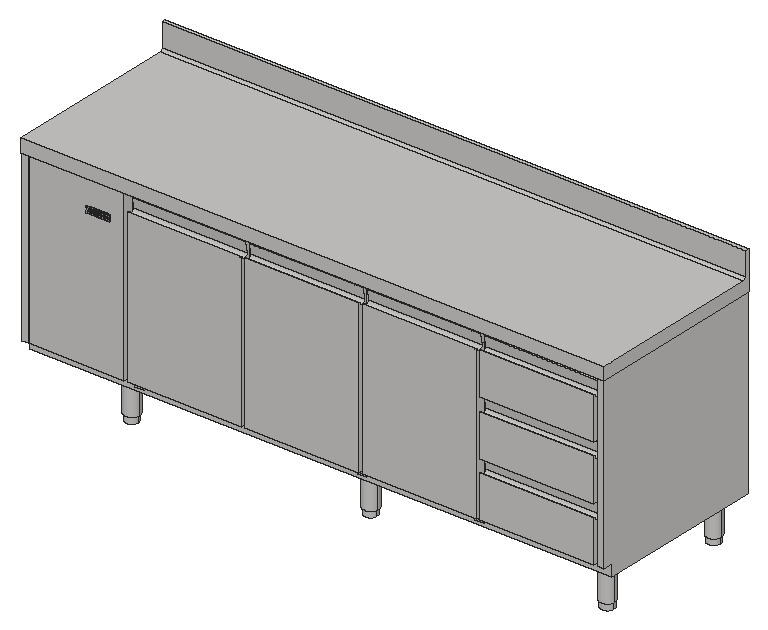
Revit family "QF_ZANUSSI_111060_ZH4H3AAAC", category Specialty Equipment, Revit 2018
Family settings
  Round Connector Dimension = Use Diameter
  Part Type = Normal
  Work Plane-Based = No
  Always vertical = Yes
  Cut with Voids When Loaded = No
  Shared = No
  Room Calculation Point = No
Parameters
  Weight = 0.00 kg
  Watts = 0.0232258 W
  Volts = 220 V
  URL Manufacturer = "http://www.zanussiprofessional.com/"
  URL = "http://www.zanussiprofessional.com/"
  Steam Supply Size = 0 mm
  Steam Supply Minimum Pressure = 0.0 Pa
  Steam Supply Maximum Pressure = 0.0 Pa
  Steam Pounds per Hour = 0
  Show Logo [instance] = yes
  Show Clearance [instance] = yes
  Refrigeration Suction Line Size = 0 mm
  Refrigeration Liquid Line Size = 0 mm
  Refrigerant Compressor Remote = yes
  Manufacturer = "Zanussi"
  Phase = 1
  Model = "ZH4H3AAAC"
  Length Actual = 2253 mm  # constant formula
  Item Number = "111060"
  Hot Water Size = 0 mm
  Height Actual = 1000 mm  # constant formula
  HP = "0.3 HP"
  Gas Size = 0 mm
  Gas KW = 0
  Gas Input Pressure = 0 W
  Description = "3DOOR+3x1/3DRAWERS REF.TABLE 590L-SPLB"
  Depth Actual = 700 mm  # constant formula
  Cycle = 50 Hz
  Condensate Return Size = 0 mm
  Compressed Air Volume = 0.0 L/s
  Compressed Air Size = 0 mm
  Compressed Air Pressure = 0.0 Pa
  Cold Water Size = 0 mm
  Accessory = yes
Reference planes
  plane 1 "Center X": y = 182.5
  plane 2: z = 0
  plane 3 "Center Y": x = -580.5
  plane 4: y = -62.5
  plane 5: y = 451.5
  plane 6 "BACK": y = 532.5
  plane 7 "FRONT": y = -167.5
  plane 8: x = -1360
  plane 9: x = 478
  plane 10: z = 150
  plane 11 "TOP": z = 900
  plane 12: z = 850
  plane 13 "LEFT": x = -1705
  plane 14 "RIGHT": x = 544
  plane 15: x = -437
  plane 16: x = -1707
  plane 17: x = 546
Forms (mm)
  Extrusion 1, solid, material "QF_Finishes_Stainless Steel"
    sketch origin (-580.5, 2, 0) x (0, 1, 0) y (0, 0, 1)
      loop
        line (530.5, 150) -> (530.5, 850) -> (-124.5, 850) -> (-124.5, 150) -> (530.5, 150)
    from -1124.5 to 1124.5
  Extrusion 2, solid, material "QF_Finishes_Stainless Steel"
    sketch origin (-1022.223, -1524, 150) x (-1, 0, 0) y (0, -1, 0)
      loop
        line (682.777, -1361.5) -> (657.777, -1361.5) -> (657.777, -1401.5) -> (682.777, -1401.5) -> (682.777, -1361.5)
      loop
        line (-1566.223, -1401.5) -> (-1541.223, -1401.5) -> (-1541.223, -1361.5) -> (-1566.223, -1361.5) -> (-1566.223, -1401.5)
    from 47 to 700
  Extrusion 3, solid, material "QF_Finishes_Stainless Steel"
    sketch origin (0, 0, 900) x (-1, 0, 0) y (0, -1, 0)
      loop
        circle (-57, -94.5) r 8.45
      loop
        circle (851, -94.5) r 8.45
    from -790.577 to -750
  Extrusion 4, solid, material "QF_Finishes_Stainless Steel"
    sketch origin (0, 0, 0) x (1, 0, 0) y (0, 1, 0)
      loop
        circle (-1621, 451.5) r 4
    from 109.423 to 150
  Extrusion 5, solid, material "QF_Finishes_Stainless Steel"
    sketch origin (-126.5, 0, 0) x (0, 1, 0) y (0, 0, 1)
      loop
        line (-167.5, 900) -> (-167.5, 850) -> (532.5, 850) -> (532.5, 1000) -> (519.5, 1000) -> (519.5, 910)
        arc (519.5, 910) -> (516.571, 902.929) -> (509.5, 900) r 10
        line (509.5, 900) -> (-167.5, 900)
    from 672.5 to -1580.5
Cuts and joins
  joined: Extrusion 1, Extrusion 2
Lines and regions (mm)
  symbolic lines, style "SpecialityEquipmentHiddenLines"
    curve 1: line (-1707, -122.5, 900) -> (546, -122.5, 900)
    curve 2: line (-1304, -167.5, 900) -> (-1304, -122.5, 900)
  symbolic lines, style "SpecialityEquipment"
    curve 3: line (-1707, 532.5, 900) -> (546, 532.5, 900)
    curve 4: line (-1707, 532.5, 900) -> (-1707, -167.5, 900)
    curve 5: line (-1707, -167.5, 900) -> (546, -167.5, 900)
    curve 6: line (546, -167.5, 900) -> (546, 532.5, 900)
    curve 7: line (-1707, 519.5, 900) -> (546, 519.5, 900)
Dimensions and locks
  locked: plane 6 "BACK" to plane 7 "FRONT" at 700
  equal spacing: plane 6 "BACK", plane 1 "Center X", plane 7 "FRONT"
  locked: plane 6 "BACK" to plane 5 at 81
  plane 10 to level = 150 mm
  plane 11 "TOP" to plane 12 to plane 10 = 50 mm locked, 700 mm locked
  locked: Extrusion 2 sketch curve to Extrusion 2 sketch curve at 25  (x2)
  locked: plane 4 to plane 7 "FRONT" at 105
  locked: plane 6 "BACK" to Extrusion 3 sketch curve at 438  (x2)
  equal spacing: plane 13 "LEFT", plane 3 "Center Y", plane 14 "RIGHT"
  plane 16 to plane 17 = 2253 mm
  locked: plane 13 "LEFT" to plane 8 at 345
  plane 15 to plane 9 to plane 14 "RIGHT" = 915 mm locked, 66 mm locked
  Extrusion 3 sketch curve to Extrusion 3 sketch curve to plane 14 "RIGHT" = 908 mm locked, 487 mm locked
  plane 13 "LEFT" to Extrusion 4 sketch curve = 84 mm
  locked: plane 6 "BACK" to Extrusion 4 sketch curve at 81
  locked: plane 10 to Extrusion 4 at 40.577
  aligned and locked: level to plane 2
  aligned and locked: plane 10 to Extrusion 3
  aligned and locked: nested 4 to plane 4
  aligned and locked: nested 1 to plane 4
  aligned and locked: nested 3 to plane 5
  aligned and locked: nested 2 to plane 5
  aligned and locked: plane 8 to nested 1
  aligned and locked: plane 8 to nested 2
  aligned and locked: plane 9 to nested 4
  aligned and locked: plane 9 to nested 3
  aligned and locked: Extrusion 1 to Extrusion 2
  aligned and locked: Extrusion 2 to Extrusion 1
  aligned and locked: Extrusion 2 sketch curve to plane 14 "RIGHT"
  aligned and locked: plane 13 "LEFT" to Extrusion 2 sketch curve
  aligned and locked: cut or joined group of Extrusion 1, Extrusion 2 to plane 10
  aligned and locked: plane 12 to cut or joined group of Extrusion 1, Extrusion 2
  aligned and locked: plane 10 to Extrusion 4
  aligned and locked: plane 15 to nested 11
  aligned and locked: plane 15 to nested 12
Automatic sketch dimensions
  plane 7 "FRONT" to Extrusion 2 sketch curve = 45 mm  (x2)
  plane 7 "FRONT" to Extrusion 2 sketch curve = 5 mm  (x2)
  Extrusion 1 sketch curve to plane 10 = 0 mm
  Extrusion 1 sketch curve to plane 12 = 0 mm
  Extrusion 1 sketch curve to plane 6 "BACK" = 0 mm
  plane 7 "FRONT" to Extrusion 1 sketch curve = 45 mm
  Extrusion 5 sketch curve to plane 7 "FRONT" = 0 mm
  Extrusion 5 sketch curve to plane 11 "TOP" = 0 mm
  Extrusion 5 sketch curve to plane 6 "BACK" = 0 mm
  Extrusion 5 sketch curve to plane 12 = 0 mm
  plane 11 "TOP" to Extrusion 5 sketch curve = 10 mm
  Extrusion 5 sketch curve to plane 6 "BACK" = 23 mm
  Extrusion 5 sketch curve to Extrusion 5 sketch curve = 90 mm
  curve 7 to plane 17 = 0 mm
  curve 2 to plane 7 "FRONT" = 0 mm
  curve 5 to plane 16 = 0 mm
  curve 3 to plane 6 "BACK" = 0 mm
  plane 8 to curve 2 = 56 mm
  curve 3 to curve 7 = 13 mm
  plane 7 "FRONT" to curve 1 = 45 mm
  radius of Extrusion 3 sketch curve = 8.45 mm  (x2)
  radius of Extrusion 4 sketch curve = 4 mm
Nested families
  nested 1: "Foot_Ø50_H150" at (-1360, -62.5, 0), type "Foot_Ø50_H150"
  nested 2: "Foot_Ø50_H150" at (-1360, 451.5, 0), type "Foot_Ø50_H150"
  nested 3: "Foot_Ø50_H150" at (478, 451.5, 0), type "Foot_Ø50_H150"
  nested 4: "Foot_Ø50_H150" at (478, -62.5, 0), type "Foot_Ø50_H150"
  nested 5: "3x1-3 Drawers" at (285, -164.5, 0), Show Clearance <- "Show Clearance", type "3x1-3 Drawers"
  nested 6: "Door" at (-169, -164.5, 0), Show Clearance <- "Show Clearance", type "Door"
  nested 7: "Refrigerator" at (544, -167.5, 900), type "Refrigerator"
  nested 8: "ZAN_Cooling Unit" at (-1495.5, -164.5, 0), Show Logo <- "Show Logo", type "ZAN_Cooling Unit"
  nested 9: "Door" at (-623, -164.5, 0), Show Clearance <- "Show Clearance", type "Door"
  nested 10: "Door" at (-1077, -164.5, 0) x (-1, 0, 0) z (0, 0, 1), Show Clearance <- "Show Clearance", type "Door"
  nested 11: "Foot_Ø50_H150" at (-437, -62.5, 0), type "Foot_Ø50_H150"
  nested 12: "Foot_Ø50_H150" at (-437, 451.5, 0), type "Foot_Ø50_H150"
Connectors
  electrical at (-1621, 451.5, 109.423), driven by "Volts"
    settings: on Extrusion 4, index 4, voltage 220 V, apparent load 0 VA, apparent load phase1 0 VA, apparent load phase2 0 VA, apparent load phase3 0 VA, power factor 1, load classification "Altro", number of poles 1, system type 30, power factor state 1, is connector primary yes, connector utility no, sub classification motor no, connector description "Electrical Connection"
  piping at (57, 94.5, 109.423), diameter 17
    settings: on Extrusion 3, index 5, connector inside diameter 609.6 mm, connector length 0 mm, flow factor 0, pipe flow 0.0 L/s, pressure drop 0.0 Pa, fitting loss kfactor 0, connector angle 0.00°, fixture units 0, engagement length 0 mm, angle of deflection 0.00°, flow configuration 1, flow direction 2, fitting loss method 0, system type 16, joint type 0, gender type 0, connector reference index -1, connector utility 0, adjustable connector no, is connector primary yes, connector description "Drain"
  piping at (-851, 94.5, 109.423), diameter 17
    settings: on Extrusion 3, index 6, connector inside diameter 609.6 mm, connector length 0 mm, flow factor 0, pipe flow 0.0 L/s, pressure drop 0.0 Pa, fitting loss kfactor 0, connector angle 0.00°, fixture units 0, engagement length 0 mm, angle of deflection 0.00°, flow configuration 1, flow direction 2, fitting loss method 0, system type 16, joint type 0, gender type 0, connector reference index -1, connector utility 0, adjustable connector no, is connector primary no, connector description "Drain"
Definition of nested family "Foot_Ø50_H150"
  Reference planes
    plane 1 "Centro (Fronte/Retro)": y = 0
    plane 2: z = 0
    plane 3 "Centro (Sinistra/Destra)": x = 0
    plane 4: z = 150
  Forms (mm)
    Revolve 1, solid
      sketch origin (255.05, 0, 608.09) x (0, 0, 1) y (-1, 0, 0)
        loop
          line (-608.09, 255.05) -> (-608.09, 230.05) -> (-583.09, 230.05) -> (-583.09, 226.05) -> (-458.09, 226.05) -> (-458.09, 255.05) -> (-608.09, 255.05)
        axis (-608.09, 255.05) -> (-458.09, 255.05)
      angle from 0 to 360
  Dimensions and locks
    locked: Revolve 1 sketch curve to Revolve 1 sketch curve at 125
    aligned and locked: level to plane 2
    aligned and locked: plane 4 to Revolve 1 sketch curve
    aligned and locked: Revolve 1 sketch curve to level
    aligned and locked: plane 3 "Centro (Sinistra/Destra)" to Revolve 1 sketch curve
Definition of nested family "3x1-3 Drawers"
  Parameters
    Show Clearance [instance] = yes
  Reference planes
    plane 1 "FRONT": y = -3
    plane 2: z = 0
    plane 3 "Centro (Sinistra/Destra)": x = 0
    plane 4: z = 150
    plane 5: z = 850
    plane 6: x = -234
    plane 7: x = 234
    plane 8: x = -220
    plane 9: x = 220
  Forms (mm)
    Extrusion 1, solid
      sketch origin (0, 55, 511) x (0, 0, 1) y (0, -1, 0)
        loop
          line (314, 18) -> (314, 29) -> (274.395, 22.5)
          arc (274.395, 22.5) -> (260.395, 36.5) -> (274.395, 50.5) r 14
          line (274.395, 50.5) -> (274.395, 53) -> (111.333, 53) -> (111.333, 18) -> (314, 18)
        loop
          line (101.333, 29) -> (61.728, 22.5)
          arc (61.728, 22.5) -> (47.728, 36.5) -> (61.728, 50.5) r 14
          line (61.728, 50.5) -> (61.728, 53) -> (-101.333, 53) -> (-101.333, 18) -> (101.333, 18) -> (101.333, 29)
        loop
          line (-314, 18) -> (-111.333, 18) -> (-111.333, 29) -> (-150.939, 22.5)
          arc (-150.939, 22.5) -> (-164.939, 36.5) -> (-150.939, 50.5) r 14
          line (-150.939, 50.5) -> (-150.939, 53) -> (-314, 53) -> (-314, 18)
      from -220 to 220
    Extrusion 2, solid, visible <- "Show Clearance", detail levels coarse
      sketch origin (0, -462, 511) x (0, 0, 1) y (0, -1, 0)
        loop
          line (-314, 109) -> (-314, -464) -> (-111.333, -464) -> (-111.333, 109) -> (-314, 109)
        loop
          line (314, -464) -> (314, 109) -> (111.333, 109) -> (111.333, -464) -> (314, -464)
        loop
          line (101.333, 109) -> (-101.333, 109) -> (-101.333, -464) -> (101.333, -464) -> (101.333, 109)
      from -220 to 220
  Lines and regions (mm)
    symbolic lines
      curve 1: line (-190, -3, 0) -> (-190, -48, 0)
      curve 2: line (220, -48, 0) -> (-220, -48, 0)
      curve 3: line (-220, -48, 0) -> (-220, -83, 0)
      curve 4: line (-220, -83, 0) -> (220, -83, 0)
      curve 5: line (220, -83, 0) -> (220, -48, 0)
      curve 6: line (190, -48, 0) -> (190, -3, 0)
      curve 7: line (-190, -83, 0) -> (-190, -128, 0)
      curve 8: line (220, -128, 0) -> (-220, -128, 0)
      curve 9: line (-220, -128, 0) -> (-220, -163, 0)
      curve 10: line (-220, -163, 0) -> (220, -163, 0)
      curve 11: line (220, -163, 0) -> (220, -128, 0)
      curve 12: line (190, -128, 0) -> (190, -83, 0)
      curve 13: line (-190, -163, 0) -> (-190, -208, 0)
      curve 14: line (220, -208, 0) -> (-220, -208, 0)
      curve 15: line (-220, -208, 0) -> (-220, -243, 0)
      curve 16: line (-220, -243, 0) -> (220, -243, 0)
      curve 17: line (220, -243, 0) -> (220, -208, 0)
      curve 18: line (190, -208, 0) -> (190, -163, 0)
  Dimensions and locks
    aligned and locked: level to plane 2
Definition of nested family "Door"
  Parameters
    Show Clearance [instance] = yes
  Reference planes
    plane 1 "FRONT": y = -3
    plane 2: z = 0
    plane 3 "Centro (Sinistra/Destra)": x = 0
    plane 4: z = 150
    plane 5: z = 850
    plane 6: x = -234
    plane 7: x = 234
    plane 8: x = -220
    plane 9: x = 220
  Forms (mm)
    Extrusion 1, solid
      sketch origin (0, 53, 511) x (0, 0, 1) y (0, -1, 0)
        loop
          line (-323.003, 28.5) -> (-316.501, 28.5) -> (-316.501, 31) -> (-325.503, 31) -> (-325.503, 13.5) -> (-345.503, 13.5) -> (-345.503, 11) -> (-323.003, 11) -> (-323.003, 23.259) -> (-323.003, 28.5)
        loop
          line (-314, 27) -> (-316.501, 27) -> (-316.501, 18.501) -> (-319.752, 18.501) -> (-319.752, 16) -> (-314, 16) -> (-314, 27)
        loop
          line (315.003, 27) -> (315.003, 13.948) -> (315.003, 11) -> (327.503, 11) -> (327.503, 13.5) -> (317.503, 13.5) -> (317.503, 27) -> (315.003, 27)
      from 185 to 220
    Extrusion 2, solid, visible <- "Show Clearance", detail levels coarse
      sketch origin (0, 53, 511) x (0, -1, 0) y (1, 0, 0)
        loop
          line (51, 220) -> (51, -220)
          arc (51, -220) -> (339.234, -79.44) -> (454, 220) r 437.168
          line (454, 220) -> (51, 220)
      from -314 to 314
    Extrusion 3, solid
      sketch origin (0, 55, 511) x (0, 0, 1) y (0, -1, 0)
        loop
          line (314, 18) -> (314, 29) -> (274.395, 22.5)
          arc (274.395, 22.5) -> (260.395, 36.5) -> (274.395, 50.5) r 14
          line (274.395, 50.5) -> (274.395, 53) -> (-314, 53) -> (-314, 18) -> (314, 18)
      from -220 to 220
  Lines and regions (mm)
    symbolic lines
      curve 1: line (220, -3, 0) -> (220, -401, 0)
      curve 2: line (220, -401, 0) -> (185, -401, 0)
      curve 3: line (185, -401, 0) -> (185, -3, 0)
      curve 4: arc (-219.722, -3, 0) -> (-89.51, -275.368, 0) -> (185, -401, 0) r 442.855
  Dimensions and locks
    aligned and locked: level to plane 2
Definition of nested family "ZAN_Cooling Unit"
  Parameters
    Show Logo [instance] = yes
  Reference planes
    plane 1 "FRONT": y = -3
    plane 2: z = 0
    plane 3 "Centro (Sinistra/Destra)": x = 0
    plane 4: z = 150
    plane 5: z = 850
    plane 6: x = -184.5
    plane 7: x = 184.5
  Forms (mm)
    Extrusion 1, solid
      sketch origin (0, 55, 511) x (0, 0, 1) y (0, -1, 0)
        loop
          line (-314, 53) -> (-314, 13) -> (339, 13) -> (339, 53) -> (-314, 53)
      from -184.5 to 184.5
  Lines and regions (mm)
    Split face 1
      outline origin (0, 2, 197) x (0, 0, 1) y (-1, 0, 0)
        loop
          line (566.835, 184.5) -> (566.835, -184.5)
        loop
          line (521.835, 184.5) -> (521.835, -184.5)
    Split face 2
      outline origin (0, 2, 197) x (0, 0, 1) y (-1, 0, 0)
        loop
          arc (510.649, 158.547) -> (506.648, 162.548) -> (502.647, 158.547) r 4.001
          line (502.647, 158.547) -> (502.647, 116.535)
          arc (502.647, 116.535) -> (506.648, 112.533) -> (510.649, 116.535) r 4.001
          line (510.649, 116.535) -> (510.649, 158.547)
    Split face 3
      outline origin (0, 2, 184.996) x (0, 0, 1) y (-1, 0, 0)
        loop
          arc (510.649, 158.547) -> (506.648, 162.548) -> (502.647, 158.547) r 4.001
          line (502.647, 158.547) -> (502.647, 116.535)
          arc (502.647, 116.535) -> (506.648, 112.533) -> (510.649, 116.535) r 4.001
          line (510.649, 116.535) -> (510.649, 158.547)
    Split face 4
      outline origin (0, 2, 172.993) x (0, 0, 1) y (-1, 0, 0)
        loop
          arc (510.649, 158.547) -> (506.648, 162.548) -> (502.647, 158.547) r 4.001
          line (502.647, 158.547) -> (502.647, 116.535)
          arc (502.647, 116.535) -> (506.648, 112.533) -> (510.649, 116.535) r 4.001
          line (510.649, 116.535) -> (510.649, 158.547)
    Split face 5
      outline origin (0, 2, 160.989) x (0, 0, 1) y (-1, 0, 0)
        loop
          arc (510.649, 158.547) -> (506.648, 162.548) -> (502.647, 158.547) r 4.001
          line (502.647, 158.547) -> (502.647, 116.535)
          arc (502.647, 116.535) -> (506.648, 112.533) -> (510.649, 116.535) r 4.001
          line (510.649, 116.535) -> (510.649, 158.547)
    Split face 6
      outline origin (0, 2, 148.986) x (0, 0, 1) y (-1, 0, 0)
        loop
          arc (510.649, 158.547) -> (506.648, 162.548) -> (502.647, 158.547) r 4.001
          line (502.647, 158.547) -> (502.647, 116.535)
          arc (502.647, 116.535) -> (506.648, 112.533) -> (510.649, 116.535) r 4.001
          line (510.649, 116.535) -> (510.649, 158.547)
    Split face 7
      outline origin (0, 2, 136.982) x (0, 0, 1) y (-1, 0, 0)
        loop
          arc (510.649, 158.547) -> (506.648, 162.548) -> (502.647, 158.547) r 4.001
          line (502.647, 158.547) -> (502.647, 116.535)
          arc (502.647, 116.535) -> (506.648, 112.533) -> (510.649, 116.535) r 4.001
          line (510.649, 116.535) -> (510.649, 158.547)
    Split face 8
      outline origin (0, 2, 124.979) x (0, 0, 1) y (-1, 0, 0)
        loop
          arc (510.649, 158.547) -> (506.648, 162.548) -> (502.647, 158.547) r 4.001
          line (502.647, 158.547) -> (502.647, 116.535)
          arc (502.647, 116.535) -> (506.648, 112.533) -> (510.649, 116.535) r 4.001
          line (510.649, 116.535) -> (510.649, 158.547)
    Split face 9
      outline origin (0, 2, 112.975) x (0, 0, 1) y (-1, 0, 0)
        loop
          arc (510.649, 158.547) -> (506.648, 162.548) -> (502.647, 158.547) r 4.001
          line (502.647, 158.547) -> (502.647, 116.535)
          arc (502.647, 116.535) -> (506.648, 112.533) -> (510.649, 116.535) r 4.001
          line (510.649, 116.535) -> (510.649, 158.547)
    Split face 10
      outline origin (0, 2, 100.972) x (0, 0, 1) y (-1, 0, 0)
        loop
          arc (510.649, 158.547) -> (506.648, 162.548) -> (502.647, 158.547) r 4.001
          line (502.647, 158.547) -> (502.647, 116.535)
          arc (502.647, 116.535) -> (506.648, 112.533) -> (510.649, 116.535) r 4.001
          line (510.649, 116.535) -> (510.649, 158.547)
    Split face 11
      outline origin (0, 2, 88.968) x (0, 0, 1) y (-1, 0, 0)
        loop
          arc (510.649, 158.547) -> (506.648, 162.548) -> (502.647, 158.547) r 4.001
          line (502.647, 158.547) -> (502.647, 116.535)
          arc (502.647, 116.535) -> (506.648, 112.533) -> (510.649, 116.535) r 4.001
          line (510.649, 116.535) -> (510.649, 158.547)
    Split face 12
      outline origin (0, 2, 76.965) x (0, 0, 1) y (-1, 0, 0)
        loop
          arc (510.649, 158.547) -> (506.648, 162.548) -> (502.647, 158.547) r 4.001
          line (502.647, 158.547) -> (502.647, 116.535)
          arc (502.647, 116.535) -> (506.648, 112.533) -> (510.649, 116.535) r 4.001
          line (510.649, 116.535) -> (510.649, 158.547)
    Split face 13
      outline origin (0, 2, 64.961) x (0, 0, 1) y (-1, 0, 0)
        loop
          arc (510.649, 158.547) -> (506.648, 162.548) -> (502.647, 158.547) r 4.001
          line (502.647, 158.547) -> (502.647, 116.535)
          arc (502.647, 116.535) -> (506.648, 112.533) -> (510.649, 116.535) r 4.001
          line (510.649, 116.535) -> (510.649, 158.547)
    Split face 14
      outline origin (0, 2, 52.958) x (0, 0, 1) y (-1, 0, 0)
        loop
          arc (510.649, 158.547) -> (506.648, 162.548) -> (502.647, 158.547) r 4.001
          line (502.647, 158.547) -> (502.647, 116.535)
          arc (502.647, 116.535) -> (506.648, 112.533) -> (510.649, 116.535) r 4.001
          line (510.649, 116.535) -> (510.649, 158.547)
    Split face 15
      outline origin (0, 2, 40.954) x (0, 0, 1) y (-1, 0, 0)
        loop
          arc (510.649, 158.547) -> (506.648, 162.548) -> (502.647, 158.547) r 4.001
          line (502.647, 158.547) -> (502.647, 116.535)
          arc (502.647, 116.535) -> (506.648, 112.533) -> (510.649, 116.535) r 4.001
          line (510.649, 116.535) -> (510.649, 158.547)
    Split face 16
      outline origin (0, 2, 28.951) x (0, 0, 1) y (-1, 0, 0)
        loop
          arc (510.649, 158.547) -> (506.648, 162.548) -> (502.647, 158.547) r 4.001
          line (502.647, 158.547) -> (502.647, 116.535)
          arc (502.647, 116.535) -> (506.648, 112.533) -> (510.649, 116.535) r 4.001
          line (510.649, 116.535) -> (510.649, 158.547)
    Split face 17
      outline origin (0, 2, 16.947) x (0, 0, 1) y (-1, 0, 0)
        loop
          arc (510.649, 158.547) -> (506.648, 162.548) -> (502.647, 158.547) r 4.001
          line (502.647, 158.547) -> (502.647, 116.535)
          arc (502.647, 116.535) -> (506.648, 112.533) -> (510.649, 116.535) r 4.001
          line (510.649, 116.535) -> (510.649, 158.547)
    Split face 18
      outline origin (55.016, 2, 197) x (0, 0, 1) y (-1, 0, 0)
        loop
          arc (510.649, 158.547) -> (506.648, 162.548) -> (502.647, 158.547) r 4.001
          line (502.647, 158.547) -> (502.647, 116.535)
          arc (502.647, 116.535) -> (506.648, 112.533) -> (510.649, 116.535) r 4.001
          line (510.649, 116.535) -> (510.649, 158.547)
    Split face 19
      outline origin (55.016, 2, 184.996) x (0, 0, 1) y (-1, 0, 0)
        loop
          arc (510.649, 158.547) -> (506.648, 162.548) -> (502.647, 158.547) r 4.001
          line (502.647, 158.547) -> (502.647, 116.535)
          arc (502.647, 116.535) -> (506.648, 112.533) -> (510.649, 116.535) r 4.001
          line (510.649, 116.535) -> (510.649, 158.547)
    Split face 20
      outline origin (55.016, 2, 172.993) x (0, 0, 1) y (-1, 0, 0)
        loop
          arc (510.649, 158.547) -> (506.648, 162.548) -> (502.647, 158.547) r 4.001
          line (502.647, 158.547) -> (502.647, 116.535)
          arc (502.647, 116.535) -> (506.648, 112.533) -> (510.649, 116.535) r 4.001
          line (510.649, 116.535) -> (510.649, 158.547)
    Split face 21
      outline origin (55.016, 2, 160.989) x (0, 0, 1) y (-1, 0, 0)
        loop
          arc (510.649, 158.547) -> (506.648, 162.548) -> (502.647, 158.547) r 4.001
          line (502.647, 158.547) -> (502.647, 116.535)
          arc (502.647, 116.535) -> (506.648, 112.533) -> (510.649, 116.535) r 4.001
          line (510.649, 116.535) -> (510.649, 158.547)
    Split face 22
      outline origin (55.016, 2, 148.986) x (0, 0, 1) y (-1, 0, 0)
        loop
          arc (510.649, 158.547) -> (506.648, 162.548) -> (502.647, 158.547) r 4.001
          line (502.647, 158.547) -> (502.647, 116.535)
          arc (502.647, 116.535) -> (506.648, 112.533) -> (510.649, 116.535) r 4.001
          line (510.649, 116.535) -> (510.649, 158.547)
    Split face 23
      outline origin (55.016, 2, 136.982) x (0, 0, 1) y (-1, 0, 0)
        loop
          arc (510.649, 158.547) -> (506.648, 162.548) -> (502.647, 158.547) r 4.001
          line (502.647, 158.547) -> (502.647, 116.535)
          arc (502.647, 116.535) -> (506.648, 112.533) -> (510.649, 116.535) r 4.001
          line (510.649, 116.535) -> (510.649, 158.547)
    Split face 24
      outline origin (55.016, 2, 124.979) x (0, 0, 1) y (-1, 0, 0)
        loop
          arc (510.649, 158.547) -> (506.648, 162.548) -> (502.647, 158.547) r 4.001
          line (502.647, 158.547) -> (502.647, 116.535)
          arc (502.647, 116.535) -> (506.648, 112.533) -> (510.649, 116.535) r 4.001
          line (510.649, 116.535) -> (510.649, 158.547)
    Split face 25
      outline origin (55.016, 2, 112.975) x (0, 0, 1) y (-1, 0, 0)
        loop
          arc (510.649, 158.547) -> (506.648, 162.548) -> (502.647, 158.547) r 4.001
          line (502.647, 158.547) -> (502.647, 116.535)
          arc (502.647, 116.535) -> (506.648, 112.533) -> (510.649, 116.535) r 4.001
          line (510.649, 116.535) -> (510.649, 158.547)
    Split face 26
      outline origin (55.016, 2, 100.972) x (0, 0, 1) y (-1, 0, 0)
        loop
          arc (510.649, 158.547) -> (506.648, 162.548) -> (502.647, 158.547) r 4.001
          line (502.647, 158.547) -> (502.647, 116.535)
          arc (502.647, 116.535) -> (506.648, 112.533) -> (510.649, 116.535) r 4.001
          line (510.649, 116.535) -> (510.649, 158.547)
    Split face 27
      outline origin (55.016, 2, 88.968) x (0, 0, 1) y (-1, 0, 0)
        loop
          arc (510.649, 158.547) -> (506.648, 162.548) -> (502.647, 158.547) r 4.001
          line (502.647, 158.547) -> (502.647, 116.535)
          arc (502.647, 116.535) -> (506.648, 112.533) -> (510.649, 116.535) r 4.001
          line (510.649, 116.535) -> (510.649, 158.547)
    Split face 28
      outline origin (55.016, 2, 76.965) x (0, 0, 1) y (-1, 0, 0)
        loop
          arc (510.649, 158.547) -> (506.648, 162.548) -> (502.647, 158.547) r 4.001
          line (502.647, 158.547) -> (502.647, 116.535)
          arc (502.647, 116.535) -> (506.648, 112.533) -> (510.649, 116.535) r 4.001
          line (510.649, 116.535) -> (510.649, 158.547)
    Split face 29
      outline origin (55.016, 2, 64.961) x (0, 0, 1) y (-1, 0, 0)
        loop
          arc (510.649, 158.547) -> (506.648, 162.548) -> (502.647, 158.547) r 4.001
          line (502.647, 158.547) -> (502.647, 116.535)
          arc (502.647, 116.535) -> (506.648, 112.533) -> (510.649, 116.535) r 4.001
          line (510.649, 116.535) -> (510.649, 158.547)
    Split face 30
      outline origin (55.016, 2, 52.958) x (0, 0, 1) y (-1, 0, 0)
        loop
          arc (510.649, 158.547) -> (506.648, 162.548) -> (502.647, 158.547) r 4.001
          line (502.647, 158.547) -> (502.647, 116.535)
          arc (502.647, 116.535) -> (506.648, 112.533) -> (510.649, 116.535) r 4.001
          line (510.649, 116.535) -> (510.649, 158.547)
    Split face 31
      outline origin (55.016, 2, 40.954) x (0, 0, 1) y (-1, 0, 0)
        loop
          arc (510.649, 158.547) -> (506.648, 162.548) -> (502.647, 158.547) r 4.001
          line (502.647, 158.547) -> (502.647, 116.535)
          arc (502.647, 116.535) -> (506.648, 112.533) -> (510.649, 116.535) r 4.001
          line (510.649, 116.535) -> (510.649, 158.547)
    Split face 32
      outline origin (55.016, 2, 28.951) x (0, 0, 1) y (-1, 0, 0)
        loop
          arc (510.649, 158.547) -> (506.648, 162.548) -> (502.647, 158.547) r 4.001
          line (502.647, 158.547) -> (502.647, 116.535)
          arc (502.647, 116.535) -> (506.648, 112.533) -> (510.649, 116.535) r 4.001
          line (510.649, 116.535) -> (510.649, 158.547)
    Split face 33
      outline origin (55.016, 2, 16.947) x (0, 0, 1) y (-1, 0, 0)
        loop
          arc (510.649, 158.547) -> (506.648, 162.548) -> (502.647, 158.547) r 4.001
          line (502.647, 158.547) -> (502.647, 116.535)
          arc (502.647, 116.535) -> (506.648, 112.533) -> (510.649, 116.535) r 4.001
          line (510.649, 116.535) -> (510.649, 158.547)
    Split face 34
      outline origin (110.032, 2, 197) x (0, 0, 1) y (-1, 0, 0)
        loop
          arc (510.649, 158.547) -> (506.648, 162.548) -> (502.647, 158.547) r 4.001
          line (502.647, 158.547) -> (502.647, 116.535)
          arc (502.647, 116.535) -> (506.648, 112.533) -> (510.649, 116.535) r 4.001
          line (510.649, 116.535) -> (510.649, 158.547)
    Split face 35
      outline origin (110.032, 2, 184.996) x (0, 0, 1) y (-1, 0, 0)
        loop
          arc (510.649, 158.547) -> (506.648, 162.548) -> (502.647, 158.547) r 4.001
          line (502.647, 158.547) -> (502.647, 116.535)
          arc (502.647, 116.535) -> (506.648, 112.533) -> (510.649, 116.535) r 4.001
          line (510.649, 116.535) -> (510.649, 158.547)
    Split face 36
      outline origin (110.032, 2, 172.993) x (0, 0, 1) y (-1, 0, 0)
        loop
          arc (510.649, 158.547) -> (506.648, 162.548) -> (502.647, 158.547) r 4.001
          line (502.647, 158.547) -> (502.647, 116.535)
          arc (502.647, 116.535) -> (506.648, 112.533) -> (510.649, 116.535) r 4.001
          line (510.649, 116.535) -> (510.649, 158.547)
    Split face 37
      outline origin (110.032, 2, 160.989) x (0, 0, 1) y (-1, 0, 0)
        loop
          arc (510.649, 158.547) -> (506.648, 162.548) -> (502.647, 158.547) r 4.001
          line (502.647, 158.547) -> (502.647, 116.535)
          arc (502.647, 116.535) -> (506.648, 112.533) -> (510.649, 116.535) r 4.001
          line (510.649, 116.535) -> (510.649, 158.547)
    Split face 38
      outline origin (110.032, 2, 148.986) x (0, 0, 1) y (-1, 0, 0)
        loop
          arc (510.649, 158.547) -> (506.648, 162.548) -> (502.647, 158.547) r 4.001
          line (502.647, 158.547) -> (502.647, 116.535)
          arc (502.647, 116.535) -> (506.648, 112.533) -> (510.649, 116.535) r 4.001
          line (510.649, 116.535) -> (510.649, 158.547)
    Split face 39
      outline origin (110.032, 2, 136.982) x (0, 0, 1) y (-1, 0, 0)
        loop
          arc (510.649, 158.547) -> (506.648, 162.548) -> (502.647, 158.547) r 4.001
          line (502.647, 158.547) -> (502.647, 116.535)
          arc (502.647, 116.535) -> (506.648, 112.533) -> (510.649, 116.535) r 4.001
          line (510.649, 116.535) -> (510.649, 158.547)
    Split face 40
      outline origin (110.032, 2, 124.979) x (0, 0, 1) y (-1, 0, 0)
        loop
          arc (510.649, 158.547) -> (506.648, 162.548) -> (502.647, 158.547) r 4.001
          line (502.647, 158.547) -> (502.647, 116.535)
          arc (502.647, 116.535) -> (506.648, 112.533) -> (510.649, 116.535) r 4.001
          line (510.649, 116.535) -> (510.649, 158.547)
    Split face 41
      outline origin (110.032, 2, 112.975) x (0, 0, 1) y (-1, 0, 0)
        loop
          arc (510.649, 158.547) -> (506.648, 162.548) -> (502.647, 158.547) r 4.001
          line (502.647, 158.547) -> (502.647, 116.535)
          arc (502.647, 116.535) -> (506.648, 112.533) -> (510.649, 116.535) r 4.001
          line (510.649, 116.535) -> (510.649, 158.547)
    Split face 42
      outline origin (110.032, 2, 100.972) x (0, 0, 1) y (-1, 0, 0)
        loop
          arc (510.649, 158.547) -> (506.648, 162.548) -> (502.647, 158.547) r 4.001
          line (502.647, 158.547) -> (502.647, 116.535)
          arc (502.647, 116.535) -> (506.648, 112.533) -> (510.649, 116.535) r 4.001
          line (510.649, 116.535) -> (510.649, 158.547)
    Split face 43
      outline origin (110.032, 2, 88.968) x (0, 0, 1) y (-1, 0, 0)
        loop
          arc (510.649, 158.547) -> (506.648, 162.548) -> (502.647, 158.547) r 4.001
          line (502.647, 158.547) -> (502.647, 116.535)
          arc (502.647, 116.535) -> (506.648, 112.533) -> (510.649, 116.535) r 4.001
          line (510.649, 116.535) -> (510.649, 158.547)
    Split face 44
      outline origin (110.032, 2, 76.965) x (0, 0, 1) y (-1, 0, 0)
        loop
          arc (510.649, 158.547) -> (506.648, 162.548) -> (502.647, 158.547) r 4.001
          line (502.647, 158.547) -> (502.647, 116.535)
          arc (502.647, 116.535) -> (506.648, 112.533) -> (510.649, 116.535) r 4.001
          line (510.649, 116.535) -> (510.649, 158.547)
    Split face 45
      outline origin (110.032, 2, 64.961) x (0, 0, 1) y (-1, 0, 0)
        loop
          arc (510.649, 158.547) -> (506.648, 162.548) -> (502.647, 158.547) r 4.001
          line (502.647, 158.547) -> (502.647, 116.535)
          arc (502.647, 116.535) -> (506.648, 112.533) -> (510.649, 116.535) r 4.001
          line (510.649, 116.535) -> (510.649, 158.547)
    Split face 46
      outline origin (110.032, 2, 52.958) x (0, 0, 1) y (-1, 0, 0)
        loop
          arc (510.649, 158.547) -> (506.648, 162.548) -> (502.647, 158.547) r 4.001
          line (502.647, 158.547) -> (502.647, 116.535)
          arc (502.647, 116.535) -> (506.648, 112.533) -> (510.649, 116.535) r 4.001
          line (510.649, 116.535) -> (510.649, 158.547)
    Split face 47
      outline origin (110.032, 2, 40.954) x (0, 0, 1) y (-1, 0, 0)
        loop
          arc (510.649, 158.547) -> (506.648, 162.548) -> (502.647, 158.547) r 4.001
          line (502.647, 158.547) -> (502.647, 116.535)
          arc (502.647, 116.535) -> (506.648, 112.533) -> (510.649, 116.535) r 4.001
          line (510.649, 116.535) -> (510.649, 158.547)
    Split face 48
      outline origin (110.032, 2, 28.951) x (0, 0, 1) y (-1, 0, 0)
        loop
          arc (510.649, 158.547) -> (506.648, 162.548) -> (502.647, 158.547) r 4.001
          line (502.647, 158.547) -> (502.647, 116.535)
          arc (502.647, 116.535) -> (506.648, 112.533) -> (510.649, 116.535) r 4.001
          line (510.649, 116.535) -> (510.649, 158.547)
    Split face 49
      outline origin (110.032, 2, 16.947) x (0, 0, 1) y (-1, 0, 0)
        loop
          arc (510.649, 158.547) -> (506.648, 162.548) -> (502.647, 158.547) r 4.001
          line (502.647, 158.547) -> (502.647, 116.535)
          arc (502.647, 116.535) -> (506.648, 112.533) -> (510.649, 116.535) r 4.001
          line (510.649, 116.535) -> (510.649, 158.547)
    Split face 50
      outline origin (165.048, 2, 197) x (0, 0, 1) y (-1, 0, 0)
        loop
          arc (510.649, 158.547) -> (506.648, 162.548) -> (502.647, 158.547) r 4.001
          line (502.647, 158.547) -> (502.647, 116.535)
          arc (502.647, 116.535) -> (506.648, 112.533) -> (510.649, 116.535) r 4.001
          line (510.649, 116.535) -> (510.649, 158.547)
    Split face 51
      outline origin (165.048, 2, 184.996) x (0, 0, 1) y (-1, 0, 0)
        loop
          arc (510.649, 158.547) -> (506.648, 162.548) -> (502.647, 158.547) r 4.001
          line (502.647, 158.547) -> (502.647, 116.535)
          arc (502.647, 116.535) -> (506.648, 112.533) -> (510.649, 116.535) r 4.001
          line (510.649, 116.535) -> (510.649, 158.547)
    Split face 52
      outline origin (165.048, 2, 172.993) x (0, 0, 1) y (-1, 0, 0)
        loop
          arc (510.649, 158.547) -> (506.648, 162.548) -> (502.647, 158.547) r 4.001
          line (502.647, 158.547) -> (502.647, 116.535)
          arc (502.647, 116.535) -> (506.648, 112.533) -> (510.649, 116.535) r 4.001
          line (510.649, 116.535) -> (510.649, 158.547)
    Split face 53
      outline origin (165.048, 2, 160.989) x (0, 0, 1) y (-1, 0, 0)
        loop
          arc (510.649, 158.547) -> (506.648, 162.548) -> (502.647, 158.547) r 4.001
          line (502.647, 158.547) -> (502.647, 116.535)
          arc (502.647, 116.535) -> (506.648, 112.533) -> (510.649, 116.535) r 4.001
          line (510.649, 116.535) -> (510.649, 158.547)
    Split face 54
      outline origin (165.048, 2, 148.986) x (0, 0, 1) y (-1, 0, 0)
        loop
          arc (510.649, 158.547) -> (506.648, 162.548) -> (502.647, 158.547) r 4.001
          line (502.647, 158.547) -> (502.647, 116.535)
          arc (502.647, 116.535) -> (506.648, 112.533) -> (510.649, 116.535) r 4.001
          line (510.649, 116.535) -> (510.649, 158.547)
    Split face 55
      outline origin (165.048, 2, 136.982) x (0, 0, 1) y (-1, 0, 0)
        loop
          arc (510.649, 158.547) -> (506.648, 162.548) -> (502.647, 158.547) r 4.001
          line (502.647, 158.547) -> (502.647, 116.535)
          arc (502.647, 116.535) -> (506.648, 112.533) -> (510.649, 116.535) r 4.001
          line (510.649, 116.535) -> (510.649, 158.547)
    Split face 56
      outline origin (165.048, 2, 124.979) x (0, 0, 1) y (-1, 0, 0)
        loop
          arc (510.649, 158.547) -> (506.648, 162.548) -> (502.647, 158.547) r 4.001
          line (502.647, 158.547) -> (502.647, 116.535)
          arc (502.647, 116.535) -> (506.648, 112.533) -> (510.649, 116.535) r 4.001
          line (510.649, 116.535) -> (510.649, 158.547)
    Split face 57
      outline origin (165.048, 2, 112.975) x (0, 0, 1) y (-1, 0, 0)
        loop
          arc (510.649, 158.547) -> (506.648, 162.548) -> (502.647, 158.547) r 4.001
          line (502.647, 158.547) -> (502.647, 116.535)
          arc (502.647, 116.535) -> (506.648, 112.533) -> (510.649, 116.535) r 4.001
          line (510.649, 116.535) -> (510.649, 158.547)
    Split face 58
      outline origin (165.048, 2, 100.972) x (0, 0, 1) y (-1, 0, 0)
        loop
          arc (510.649, 158.547) -> (506.648, 162.548) -> (502.647, 158.547) r 4.001
          line (502.647, 158.547) -> (502.647, 116.535)
          arc (502.647, 116.535) -> (506.648, 112.533) -> (510.649, 116.535) r 4.001
          line (510.649, 116.535) -> (510.649, 158.547)
    Split face 59
      outline origin (165.048, 2, 88.968) x (0, 0, 1) y (-1, 0, 0)
        loop
          arc (510.649, 158.547) -> (506.648, 162.548) -> (502.647, 158.547) r 4.001
          line (502.647, 158.547) -> (502.647, 116.535)
          arc (502.647, 116.535) -> (506.648, 112.533) -> (510.649, 116.535) r 4.001
          line (510.649, 116.535) -> (510.649, 158.547)
    Split face 60
      outline origin (165.048, 2, 76.965) x (0, 0, 1) y (-1, 0, 0)
        loop
          arc (510.649, 158.547) -> (506.648, 162.548) -> (502.647, 158.547) r 4.001
          line (502.647, 158.547) -> (502.647, 116.535)
          arc (502.647, 116.535) -> (506.648, 112.533) -> (510.649, 116.535) r 4.001
          line (510.649, 116.535) -> (510.649, 158.547)
    Split face 61
      outline origin (165.048, 2, 64.961) x (0, 0, 1) y (-1, 0, 0)
        loop
          arc (510.649, 158.547) -> (506.648, 162.548) -> (502.647, 158.547) r 4.001
          line (502.647, 158.547) -> (502.647, 116.535)
          arc (502.647, 116.535) -> (506.648, 112.533) -> (510.649, 116.535) r 4.001
          line (510.649, 116.535) -> (510.649, 158.547)
    Split face 62
      outline origin (165.048, 2, 52.958) x (0, 0, 1) y (-1, 0, 0)
        loop
          arc (510.649, 158.547) -> (506.648, 162.548) -> (502.647, 158.547) r 4.001
          line (502.647, 158.547) -> (502.647, 116.535)
          arc (502.647, 116.535) -> (506.648, 112.533) -> (510.649, 116.535) r 4.001
          line (510.649, 116.535) -> (510.649, 158.547)
    Split face 63
      outline origin (165.048, 2, 40.954) x (0, 0, 1) y (-1, 0, 0)
        loop
          arc (510.649, 158.547) -> (506.648, 162.548) -> (502.647, 158.547) r 4.001
          line (502.647, 158.547) -> (502.647, 116.535)
          arc (502.647, 116.535) -> (506.648, 112.533) -> (510.649, 116.535) r 4.001
          line (510.649, 116.535) -> (510.649, 158.547)
    Split face 64
      outline origin (165.048, 2, 28.951) x (0, 0, 1) y (-1, 0, 0)
        loop
          arc (510.649, 158.547) -> (506.648, 162.548) -> (502.647, 158.547) r 4.001
          line (502.647, 158.547) -> (502.647, 116.535)
          arc (502.647, 116.535) -> (506.648, 112.533) -> (510.649, 116.535) r 4.001
          line (510.649, 116.535) -> (510.649, 158.547)
    Split face 65
      outline origin (165.048, 2, 16.947) x (0, 0, 1) y (-1, 0, 0)
        loop
          arc (510.649, 158.547) -> (506.648, 162.548) -> (502.647, 158.547) r 4.001
          line (502.647, 158.547) -> (502.647, 116.535)
          arc (502.647, 116.535) -> (506.648, 112.533) -> (510.649, 116.535) r 4.001
          line (510.649, 116.535) -> (510.649, 158.547)
    Split face 66
      outline origin (220.064, 2, 197) x (0, 0, 1) y (-1, 0, 0)
        loop
          arc (510.649, 158.547) -> (506.648, 162.548) -> (502.647, 158.547) r 4.001
          line (502.647, 158.547) -> (502.647, 116.535)
          arc (502.647, 116.535) -> (506.648, 112.533) -> (510.649, 116.535) r 4.001
          line (510.649, 116.535) -> (510.649, 158.547)
    Split face 67
      outline origin (220.064, 2, 184.996) x (0, 0, 1) y (-1, 0, 0)
        loop
          arc (510.649, 158.547) -> (506.648, 162.548) -> (502.647, 158.547) r 4.001
          line (502.647, 158.547) -> (502.647, 116.535)
          arc (502.647, 116.535) -> (506.648, 112.533) -> (510.649, 116.535) r 4.001
          line (510.649, 116.535) -> (510.649, 158.547)
    Split face 68
      outline origin (220.064, 2, 172.993) x (0, 0, 1) y (-1, 0, 0)
        loop
          arc (510.649, 158.547) -> (506.648, 162.548) -> (502.647, 158.547) r 4.001
          line (502.647, 158.547) -> (502.647, 116.535)
          arc (502.647, 116.535) -> (506.648, 112.533) -> (510.649, 116.535) r 4.001
          line (510.649, 116.535) -> (510.649, 158.547)
    Split face 69
      outline origin (220.064, 2, 160.989) x (0, 0, 1) y (-1, 0, 0)
        loop
          arc (510.649, 158.547) -> (506.648, 162.548) -> (502.647, 158.547) r 4.001
          line (502.647, 158.547) -> (502.647, 116.535)
          arc (502.647, 116.535) -> (506.648, 112.533) -> (510.649, 116.535) r 4.001
          line (510.649, 116.535) -> (510.649, 158.547)
    Split face 70
      outline origin (220.064, 2, 148.986) x (0, 0, 1) y (-1, 0, 0)
        loop
          arc (510.649, 158.547) -> (506.648, 162.548) -> (502.647, 158.547) r 4.001
          line (502.647, 158.547) -> (502.647, 116.535)
          arc (502.647, 116.535) -> (506.648, 112.533) -> (510.649, 116.535) r 4.001
          line (510.649, 116.535) -> (510.649, 158.547)
    Split face 71
      outline origin (220.064, 2, 136.982) x (0, 0, 1) y (-1, 0, 0)
        loop
          arc (510.649, 158.547) -> (506.648, 162.548) -> (502.647, 158.547) r 4.001
          line (502.647, 158.547) -> (502.647, 116.535)
          arc (502.647, 116.535) -> (506.648, 112.533) -> (510.649, 116.535) r 4.001
          line (510.649, 116.535) -> (510.649, 158.547)
    Split face 72
      outline origin (220.064, 2, 124.979) x (0, 0, 1) y (-1, 0, 0)
        loop
          arc (510.649, 158.547) -> (506.648, 162.548) -> (502.647, 158.547) r 4.001
          line (502.647, 158.547) -> (502.647, 116.535)
          arc (502.647, 116.535) -> (506.648, 112.533) -> (510.649, 116.535) r 4.001
          line (510.649, 116.535) -> (510.649, 158.547)
    Split face 73
      outline origin (220.064, 2, 112.975) x (0, 0, 1) y (-1, 0, 0)
        loop
          arc (510.649, 158.547) -> (506.648, 162.548) -> (502.647, 158.547) r 4.001
          line (502.647, 158.547) -> (502.647, 116.535)
          arc (502.647, 116.535) -> (506.648, 112.533) -> (510.649, 116.535) r 4.001
          line (510.649, 116.535) -> (510.649, 158.547)
    Split face 74
      outline origin (220.064, 2, 100.972) x (0, 0, 1) y (-1, 0, 0)
        loop
          arc (510.649, 158.547) -> (506.648, 162.548) -> (502.647, 158.547) r 4.001
          line (502.647, 158.547) -> (502.647, 116.535)
          arc (502.647, 116.535) -> (506.648, 112.533) -> (510.649, 116.535) r 4.001
          line (510.649, 116.535) -> (510.649, 158.547)
    Split face 75
      outline origin (220.064, 2, 88.968) x (0, 0, 1) y (-1, 0, 0)
        loop
          arc (510.649, 158.547) -> (506.648, 162.548) -> (502.647, 158.547) r 4.001
          line (502.647, 158.547) -> (502.647, 116.535)
          arc (502.647, 116.535) -> (506.648, 112.533) -> (510.649, 116.535) r 4.001
          line (510.649, 116.535) -> (510.649, 158.547)
    Split face 76
      outline origin (220.064, 2, 76.965) x (0, 0, 1) y (-1, 0, 0)
        loop
          arc (510.649, 158.547) -> (506.648, 162.548) -> (502.647, 158.547) r 4.001
          line (502.647, 158.547) -> (502.647, 116.535)
          arc (502.647, 116.535) -> (506.648, 112.533) -> (510.649, 116.535) r 4.001
          line (510.649, 116.535) -> (510.649, 158.547)
    Split face 77
      outline origin (220.064, 2, 64.961) x (0, 0, 1) y (-1, 0, 0)
        loop
          arc (510.649, 158.547) -> (506.648, 162.548) -> (502.647, 158.547) r 4.001
          line (502.647, 158.547) -> (502.647, 116.535)
          arc (502.647, 116.535) -> (506.648, 112.533) -> (510.649, 116.535) r 4.001
          line (510.649, 116.535) -> (510.649, 158.547)
    Split face 78
      outline origin (220.064, 2, 52.958) x (0, 0, 1) y (-1, 0, 0)
        loop
          arc (510.649, 158.547) -> (506.648, 162.548) -> (502.647, 158.547) r 4.001
          line (502.647, 158.547) -> (502.647, 116.535)
          arc (502.647, 116.535) -> (506.648, 112.533) -> (510.649, 116.535) r 4.001
          line (510.649, 116.535) -> (510.649, 158.547)
    Split face 79
      outline origin (220.064, 2, 40.954) x (0, 0, 1) y (-1, 0, 0)
        loop
          arc (510.649, 158.547) -> (506.648, 162.548) -> (502.647, 158.547) r 4.001
          line (502.647, 158.547) -> (502.647, 116.535)
          arc (502.647, 116.535) -> (506.648, 112.533) -> (510.649, 116.535) r 4.001
          line (510.649, 116.535) -> (510.649, 158.547)
    Split face 80
      outline origin (220.064, 2, 28.951) x (0, 0, 1) y (-1, 0, 0)
        loop
          arc (510.649, 158.547) -> (506.648, 162.548) -> (502.647, 158.547) r 4.001
          line (502.647, 158.547) -> (502.647, 116.535)
          arc (502.647, 116.535) -> (506.648, 112.533) -> (510.649, 116.535) r 4.001
          line (510.649, 116.535) -> (510.649, 158.547)
    Split face 81
      outline origin (220.064, 2, 16.947) x (0, 0, 1) y (-1, 0, 0)
        loop
          arc (510.649, 158.547) -> (506.648, 162.548) -> (502.647, 158.547) r 4.001
          line (502.647, 158.547) -> (502.647, 116.535)
          arc (502.647, 116.535) -> (506.648, 112.533) -> (510.649, 116.535) r 4.001
          line (510.649, 116.535) -> (510.649, 158.547)
    Split face 82
      outline origin (275.081, 2, 197) x (0, 0, 1) y (-1, 0, 0)
        loop
          arc (510.649, 158.547) -> (506.648, 162.548) -> (502.647, 158.547) r 4.001
          line (502.647, 158.547) -> (502.647, 116.535)
          arc (502.647, 116.535) -> (506.648, 112.533) -> (510.649, 116.535) r 4.001
          line (510.649, 116.535) -> (510.649, 158.547)
    Split face 83
      outline origin (275.081, 2, 184.996) x (0, 0, 1) y (-1, 0, 0)
        loop
          arc (510.649, 158.547) -> (506.648, 162.548) -> (502.647, 158.547) r 4.001
          line (502.647, 158.547) -> (502.647, 116.535)
          arc (502.647, 116.535) -> (506.648, 112.533) -> (510.649, 116.535) r 4.001
          line (510.649, 116.535) -> (510.649, 158.547)
    Split face 84
      outline origin (275.081, 2, 172.993) x (0, 0, 1) y (-1, 0, 0)
        loop
          arc (510.649, 158.547) -> (506.648, 162.548) -> (502.647, 158.547) r 4.001
          line (502.647, 158.547) -> (502.647, 116.535)
          arc (502.647, 116.535) -> (506.648, 112.533) -> (510.649, 116.535) r 4.001
          line (510.649, 116.535) -> (510.649, 158.547)
    Split face 85
      outline origin (275.081, 2, 160.989) x (0, 0, 1) y (-1, 0, 0)
        loop
          arc (510.649, 158.547) -> (506.648, 162.548) -> (502.647, 158.547) r 4.001
          line (502.647, 158.547) -> (502.647, 116.535)
          arc (502.647, 116.535) -> (506.648, 112.533) -> (510.649, 116.535) r 4.001
          line (510.649, 116.535) -> (510.649, 158.547)
    Split face 86
      outline origin (275.081, 2, 148.986) x (0, 0, 1) y (-1, 0, 0)
        loop
          arc (510.649, 158.547) -> (506.648, 162.548) -> (502.647, 158.547) r 4.001
          line (502.647, 158.547) -> (502.647, 116.535)
          arc (502.647, 116.535) -> (506.648, 112.533) -> (510.649, 116.535) r 4.001
          line (510.649, 116.535) -> (510.649, 158.547)
    Split face 87
      outline origin (275.081, 2, 136.982) x (0, 0, 1) y (-1, 0, 0)
        loop
          arc (510.649, 158.547) -> (506.648, 162.548) -> (502.647, 158.547) r 4.001
          line (502.647, 158.547) -> (502.647, 116.535)
          arc (502.647, 116.535) -> (506.648, 112.533) -> (510.649, 116.535) r 4.001
          line (510.649, 116.535) -> (510.649, 158.547)
    Split face 88
      outline origin (275.081, 2, 124.979) x (0, 0, 1) y (-1, 0, 0)
        loop
          arc (510.649, 158.547) -> (506.648, 162.548) -> (502.647, 158.547) r 4.001
          line (502.647, 158.547) -> (502.647, 116.535)
          arc (502.647, 116.535) -> (506.648, 112.533) -> (510.649, 116.535) r 4.001
          line (510.649, 116.535) -> (510.649, 158.547)
    Split face 89
      outline origin (275.081, 2, 112.975) x (0, 0, 1) y (-1, 0, 0)
        loop
          arc (510.649, 158.547) -> (506.648, 162.548) -> (502.647, 158.547) r 4.001
          line (502.647, 158.547) -> (502.647, 116.535)
          arc (502.647, 116.535) -> (506.648, 112.533) -> (510.649, 116.535) r 4.001
          line (510.649, 116.535) -> (510.649, 158.547)
    Split face 90
      outline origin (275.081, 2, 100.972) x (0, 0, 1) y (-1, 0, 0)
        loop
          arc (510.649, 158.547) -> (506.648, 162.548) -> (502.647, 158.547) r 4.001
          line (502.647, 158.547) -> (502.647, 116.535)
          arc (502.647, 116.535) -> (506.648, 112.533) -> (510.649, 116.535) r 4.001
          line (510.649, 116.535) -> (510.649, 158.547)
    Split face 91
      outline origin (275.081, 2, 88.968) x (0, 0, 1) y (-1, 0, 0)
        loop
          arc (510.649, 158.547) -> (506.648, 162.548) -> (502.647, 158.547) r 4.001
          line (502.647, 158.547) -> (502.647, 116.535)
          arc (502.647, 116.535) -> (506.648, 112.533) -> (510.649, 116.535) r 4.001
          line (510.649, 116.535) -> (510.649, 158.547)
    Split face 92
      outline origin (275.081, 2, 76.965) x (0, 0, 1) y (-1, 0, 0)
        loop
          arc (510.649, 158.547) -> (506.648, 162.548) -> (502.647, 158.547) r 4.001
          line (502.647, 158.547) -> (502.647, 116.535)
          arc (502.647, 116.535) -> (506.648, 112.533) -> (510.649, 116.535) r 4.001
          line (510.649, 116.535) -> (510.649, 158.547)
    Split face 93
      outline origin (275.081, 2, 64.961) x (0, 0, 1) y (-1, 0, 0)
        loop
          arc (510.649, 158.547) -> (506.648, 162.548) -> (502.647, 158.547) r 4.001
          line (502.647, 158.547) -> (502.647, 116.535)
          arc (502.647, 116.535) -> (506.648, 112.533) -> (510.649, 116.535) r 4.001
          line (510.649, 116.535) -> (510.649, 158.547)
    Split face 94
      outline origin (275.081, 2, 52.958) x (0, 0, 1) y (-1, 0, 0)
        loop
          arc (510.649, 158.547) -> (506.648, 162.548) -> (502.647, 158.547) r 4.001
          line (502.647, 158.547) -> (502.647, 116.535)
          arc (502.647, 116.535) -> (506.648, 112.533) -> (510.649, 116.535) r 4.001
          line (510.649, 116.535) -> (510.649, 158.547)
    Split face 95
      outline origin (275.081, 2, 40.954) x (0, 0, 1) y (-1, 0, 0)
        loop
          arc (510.649, 158.547) -> (506.648, 162.548) -> (502.647, 158.547) r 4.001
          line (502.647, 158.547) -> (502.647, 116.535)
          arc (502.647, 116.535) -> (506.648, 112.533) -> (510.649, 116.535) r 4.001
          line (510.649, 116.535) -> (510.649, 158.547)
    Split face 96
      outline origin (275.081, 2, 28.951) x (0, 0, 1) y (-1, 0, 0)
        loop
          arc (510.649, 158.547) -> (506.648, 162.548) -> (502.647, 158.547) r 4.001
          line (502.647, 158.547) -> (502.647, 116.535)
          arc (502.647, 116.535) -> (506.648, 112.533) -> (510.649, 116.535) r 4.001
          line (510.649, 116.535) -> (510.649, 158.547)
    Split face 97
      outline origin (275.081, 2, 16.947) x (0, 0, 1) y (-1, 0, 0)
        loop
          arc (510.649, 158.547) -> (506.648, 162.548) -> (502.647, 158.547) r 4.001
          line (502.647, 158.547) -> (502.647, 116.535)
          arc (502.647, 116.535) -> (506.648, 112.533) -> (510.649, 116.535) r 4.001
          line (510.649, 116.535) -> (510.649, 158.547)
    Split face 98
      outline origin (0, 2, -113.091) x (0, 0, 1) y (-1, 0, 0)
        loop
          arc (510.649, 158.547) -> (506.648, 162.548) -> (502.647, 158.547) r 4.001
          line (502.647, 158.547) -> (502.647, 116.535)
          arc (502.647, 116.535) -> (506.648, 112.533) -> (510.649, 116.535) r 4.001
          line (510.649, 116.535) -> (510.649, 158.547)
    Split face 99
      outline origin (0, 2, -125.094) x (0, 0, 1) y (-1, 0, 0)
        loop
          arc (510.649, 158.547) -> (506.648, 162.548) -> (502.647, 158.547) r 4.001
          line (502.647, 158.547) -> (502.647, 116.535)
          arc (502.647, 116.535) -> (506.648, 112.533) -> (510.649, 116.535) r 4.001
          line (510.649, 116.535) -> (510.649, 158.547)
    Split face 100
      outline origin (0, 2, -137.098) x (0, 0, 1) y (-1, 0, 0)
        loop
          arc (510.649, 158.547) -> (506.648, 162.548) -> (502.647, 158.547) r 4.001
          line (502.647, 158.547) -> (502.647, 116.535)
          arc (502.647, 116.535) -> (506.648, 112.533) -> (510.649, 116.535) r 4.001
          line (510.649, 116.535) -> (510.649, 158.547)
    Split face 101
      outline origin (0, 2, -149.101) x (0, 0, 1) y (-1, 0, 0)
        loop
          arc (510.649, 158.547) -> (506.648, 162.548) -> (502.647, 158.547) r 4.001
          line (502.647, 158.547) -> (502.647, 116.535)
          arc (502.647, 116.535) -> (506.648, 112.533) -> (510.649, 116.535) r 4.001
          line (510.649, 116.535) -> (510.649, 158.547)
    Split face 102
      outline origin (0, 2, -161.105) x (0, 0, 1) y (-1, 0, 0)
        loop
          arc (510.649, 158.547) -> (506.648, 162.548) -> (502.647, 158.547) r 4.001
          line (502.647, 158.547) -> (502.647, 116.535)
          arc (502.647, 116.535) -> (506.648, 112.533) -> (510.649, 116.535) r 4.001
          line (510.649, 116.535) -> (510.649, 158.547)
    Split face 103
      outline origin (0, 2, -173.108) x (0, 0, 1) y (-1, 0, 0)
        loop
          arc (510.649, 158.547) -> (506.648, 162.548) -> (502.647, 158.547) r 4.001
          line (502.647, 158.547) -> (502.647, 116.535)
          arc (502.647, 116.535) -> (506.648, 112.533) -> (510.649, 116.535) r 4.001
          line (510.649, 116.535) -> (510.649, 158.547)
    Split face 104
      outline origin (0, 2, -185.112) x (0, 0, 1) y (-1, 0, 0)
        loop
          arc (510.649, 158.547) -> (506.648, 162.548) -> (502.647, 158.547) r 4.001
          line (502.647, 158.547) -> (502.647, 116.535)
          arc (502.647, 116.535) -> (506.648, 112.533) -> (510.649, 116.535) r 4.001
          line (510.649, 116.535) -> (510.649, 158.547)
    Split face 105
      outline origin (0, 2, -197.115) x (0, 0, 1) y (-1, 0, 0)
        loop
          arc (510.649, 158.547) -> (506.648, 162.548) -> (502.647, 158.547) r 4.001
          line (502.647, 158.547) -> (502.647, 116.535)
          arc (502.647, 116.535) -> (506.648, 112.533) -> (510.649, 116.535) r 4.001
          line (510.649, 116.535) -> (510.649, 158.547)
    Split face 106
      outline origin (0, 2, -209.119) x (0, 0, 1) y (-1, 0, 0)
        loop
          arc (510.649, 158.547) -> (506.648, 162.548) -> (502.647, 158.547) r 4.001
          line (502.647, 158.547) -> (502.647, 116.535)
          arc (502.647, 116.535) -> (506.648, 112.533) -> (510.649, 116.535) r 4.001
          line (510.649, 116.535) -> (510.649, 158.547)
    Split face 107
      outline origin (0, 2, -221.122) x (0, 0, 1) y (-1, 0, 0)
        loop
          arc (510.649, 158.547) -> (506.648, 162.548) -> (502.647, 158.547) r 4.001
          line (502.647, 158.547) -> (502.647, 116.535)
          arc (502.647, 116.535) -> (506.648, 112.533) -> (510.649, 116.535) r 4.001
          line (510.649, 116.535) -> (510.649, 158.547)
    Split face 108
      outline origin (0, 2, -233.126) x (0, 0, 1) y (-1, 0, 0)
        loop
          arc (510.649, 158.547) -> (506.648, 162.548) -> (502.647, 158.547) r 4.001
          line (502.647, 158.547) -> (502.647, 116.535)
          arc (502.647, 116.535) -> (506.648, 112.533) -> (510.649, 116.535) r 4.001
          line (510.649, 116.535) -> (510.649, 158.547)
    Split face 109
      outline origin (0, 2, -245.129) x (0, 0, 1) y (-1, 0, 0)
        loop
          arc (510.649, 158.547) -> (506.648, 162.548) -> (502.647, 158.547) r 4.001
          line (502.647, 158.547) -> (502.647, 116.535)
          arc (502.647, 116.535) -> (506.648, 112.533) -> (510.649, 116.535) r 4.001
          line (510.649, 116.535) -> (510.649, 158.547)
    Split face 110
      outline origin (0, 2, -257.133) x (0, 0, 1) y (-1, 0, 0)
        loop
          arc (510.649, 158.547) -> (506.648, 162.548) -> (502.647, 158.547) r 4.001
          line (502.647, 158.547) -> (502.647, 116.535)
          arc (502.647, 116.535) -> (506.648, 112.533) -> (510.649, 116.535) r 4.001
          line (510.649, 116.535) -> (510.649, 158.547)
    Split face 111
      outline origin (0, 2, -269.136) x (0, 0, 1) y (-1, 0, 0)
        loop
          arc (510.649, 158.547) -> (506.648, 162.548) -> (502.647, 158.547) r 4.001
          line (502.647, 158.547) -> (502.647, 116.535)
          arc (502.647, 116.535) -> (506.648, 112.533) -> (510.649, 116.535) r 4.001
          line (510.649, 116.535) -> (510.649, 158.547)
    Split face 112
      outline origin (0, 2, -281.14) x (0, 0, 1) y (-1, 0, 0)
        loop
          arc (510.649, 158.547) -> (506.648, 162.548) -> (502.647, 158.547) r 4.001
          line (502.647, 158.547) -> (502.647, 116.535)
          arc (502.647, 116.535) -> (506.648, 112.533) -> (510.649, 116.535) r 4.001
          line (510.649, 116.535) -> (510.649, 158.547)
    Split face 113
      outline origin (0, 2, -293.144) x (0, 0, 1) y (-1, 0, 0)
        loop
          arc (510.649, 158.547) -> (506.648, 162.548) -> (502.647, 158.547) r 4.001
          line (502.647, 158.547) -> (502.647, 116.535)
          arc (502.647, 116.535) -> (506.648, 112.533) -> (510.649, 116.535) r 4.001
          line (510.649, 116.535) -> (510.649, 158.547)
    Split face 114
      outline origin (55.016, 2, -113.091) x (0, 0, 1) y (-1, 0, 0)
        loop
          arc (510.649, 158.547) -> (506.648, 162.548) -> (502.647, 158.547) r 4.001
          line (502.647, 158.547) -> (502.647, 116.535)
          arc (502.647, 116.535) -> (506.648, 112.533) -> (510.649, 116.535) r 4.001
          line (510.649, 116.535) -> (510.649, 158.547)
    Split face 115
      outline origin (55.016, 2, -125.094) x (0, 0, 1) y (-1, 0, 0)
        loop
          arc (510.649, 158.547) -> (506.648, 162.548) -> (502.647, 158.547) r 4.001
          line (502.647, 158.547) -> (502.647, 116.535)
          arc (502.647, 116.535) -> (506.648, 112.533) -> (510.649, 116.535) r 4.001
          line (510.649, 116.535) -> (510.649, 158.547)
    Split face 116
      outline origin (55.016, 2, -137.098) x (0, 0, 1) y (-1, 0, 0)
        loop
          arc (510.649, 158.547) -> (506.648, 162.548) -> (502.647, 158.547) r 4.001
          line (502.647, 158.547) -> (502.647, 116.535)
          arc (502.647, 116.535) -> (506.648, 112.533) -> (510.649, 116.535) r 4.001
          line (510.649, 116.535) -> (510.649, 158.547)
    Split face 117
      outline origin (55.016, 2, -149.101) x (0, 0, 1) y (-1, 0, 0)
        loop
          arc (510.649, 158.547) -> (506.648, 162.548) -> (502.647, 158.547) r 4.001
          line (502.647, 158.547) -> (502.647, 116.535)
          arc (502.647, 116.535) -> (506.648, 112.533) -> (510.649, 116.535) r 4.001
          line (510.649, 116.535) -> (510.649, 158.547)
    Split face 118
      outline origin (55.016, 2, -161.105) x (0, 0, 1) y (-1, 0, 0)
        loop
          arc (510.649, 158.547) -> (506.648, 162.548) -> (502.647, 158.547) r 4.001
          line (502.647, 158.547) -> (502.647, 116.535)
          arc (502.647, 116.535) -> (506.648, 112.533) -> (510.649, 116.535) r 4.001
          line (510.649, 116.535) -> (510.649, 158.547)
    Split face 119
      outline origin (55.016, 2, -173.108) x (0, 0, 1) y (-1, 0, 0)
        loop
          arc (510.649, 158.547) -> (506.648, 162.548) -> (502.647, 158.547) r 4.001
